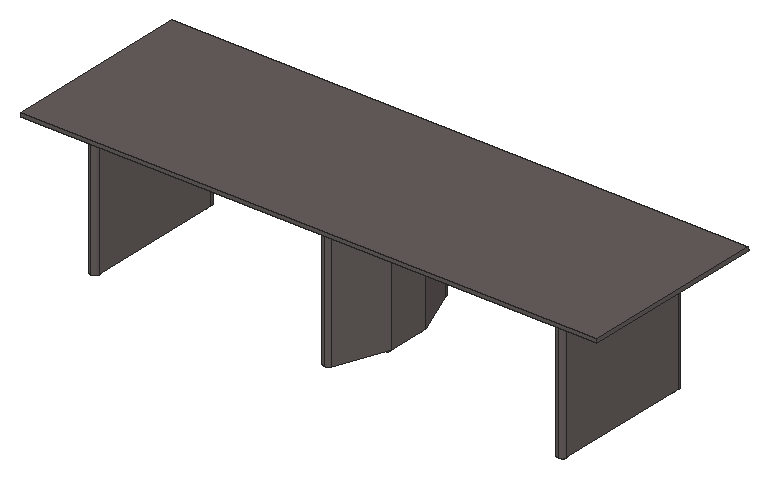
Revit family "Table-Teknion-CFTSTG_Figure_Table_Rectangular_Gable_Leg_Subtop-R2023", category Furniture, Revit 2023 (continued)
Definition of nested family "Hexa Panel"
  Forms (in)
    Sweep 11, void
      profile origin (0, 0, 0) x (0, 1, 0) y (0, 0, 1)
        loop
          line (-4.5, 24) -> (4.5, 24)
          arc (4.5, 24) -> (4.85355, 24.14645) -> (5, 24.5) r 0.5
          line (5, 24.5) -> (5, 26.75) -> (-5, 26.75) -> (-5, 24.5)
          arc (-5, 24.5) -> (-4.85355, 24.14645) -> (-4.5, 24) r 0.5
    Sweep 12, void
      path origin (0, 0, 0) x (1, 0, 0) y (0, 1, 0)
        loop
          line (-8.25, 0) -> (-1, 0)
      profile origin (-4.625, 0, 0) x (0, 1, 0) y (0, 0, 1)
        loop
          line (3.5, 22.5) -> (-3.5, 22.5)
          arc (-3.5, 22.5) -> (-3.85355, 22.35355) -> (-4, 22) r 0.5
          line (-4, 22) -> (-4, 4.5) -> (4, 4.5) -> (4, 22)
          arc (4, 22) -> (3.85355, 22.35355) -> (3.5, 22.5) r 0.5
        loop
          line (-3.9, 21.25) -> (-3.9, 4.6) -> (3.9, 4.6) -> (3.9, 21.25) -> (-3.9, 21.25)
    Sweep 13, void
      path origin (0, 0, 0) x (1, 0, 0) y (0, 0, 1)
        loop
          line (0, 5.5) -> (0, -4.5)
      profile origin (0, 0, 0.5) x (0, -1, 0) y (1, 0, 0)
        loop
          circle (0, 0) r 4.11878
    Sweep 14, void
      path origin (0, 0, 0) x (1, 0, 0) y (0, 1, 0)
        loop
          line (-8, 0) -> (7.25, 0)
      profile origin (-0.375, 0, 0) x (0, 1, 0) y (0, 0, 1)
        loop
          line (2.75, 24.25) -> (2.75, 25.75)
          arc (2.75, 25.75) -> (2.67678, 25.92678) -> (2.5, 26) r 0.25
          line (2.5, 26) -> (-2.5, 26)
          arc (-2.5, 26) -> (-2.67678, 25.92678) -> (-2.75, 25.75) r 0.25
          line (-2.75, 25.75) -> (-2.75, 24.25)
          arc (-2.75, 24.25) -> (-2.67678, 24.07322) -> (-2.5, 24) r 0.25
          line (-2.5, 24) -> (2.5, 24)
          arc (2.5, 24) -> (2.67678, 24.07322) -> (2.75, 24.25) r 0.25
  Cuts and joins
    Sweep 2, Sweep 3, Sweep 11, Sweep 12, Sweep 13, Sweep 14 cuts Sweep 1
    joined: Revolve 4, Revolve 5, Revolve 6, Revolve 7, Revolve 8, Revolve 9, Sweep 10
  Lines and regions (in)
    symbolic lines, detail levels medium+fine
      curve 1: line (5, 7.27625, 0) -> (0.67495, 18, 0)
      curve 2: line (-0.67495, 18, 0) -> (-5, 7.27625, 0)
      curve 3: arc (0, 18, 0) -> (-0.55945, 17.82887, 0) -> (-0.92741, 17.37404, 0) r 1
      curve 4: arc (0.92741, 17.37404, 0) -> (0.55945, 17.82887, 0) -> (0, 18, 0) r 1
      curve 5: line (5, -7.27625, 0) -> (5, 7.27625, 0)
      curve 6: line (-5, 7.27625, 0) -> (-5, -7.27625, 0)
      curve 7: line (-5, -7.27625, 0) -> (-0.67495, -18, 0)
      curve 8: line (0.67495, -18, 0) -> (5, -7.27625, 0)
      curve 9: arc (0, -18, 0) -> (0.55945, -17.82887, 0) -> (0.92741, -17.37404, 0) r 1
      curve 10: arc (-0.92741, -17.37404, 0) -> (-0.55945, -17.82887, 0) -> (0, -18, 0) r 1
      curve 11: line (-0.89772, -17.13189, 0) -> (0.89772, -17.13189, 0)
      curve 12: line (-4.88189, -7.25333, 0) -> (-0.89772, -17.13189, 0)
      curve 13: line (0.89772, -17.13189, 0) -> (4.88189, -7.25333, 0)
      curve 14: line (-4.88189, 7.25333, 0) -> (-4.88189, -7.25333, 0)
      curve 15: line (4.88189, -7.25333, 0) -> (4.88189, 7.25333, 0)
      curve 16: line (0.89772, 17.13189, 0) -> (-0.89772, 17.13189, 0)
      curve 17: line (-0.89772, 17.13189, 0) -> (-4.88189, 7.25333, 0)
      curve 18: line (4.88189, 7.25333, 0) -> (0.89772, 17.13189, 0)
      curve 19: line (2.88189, -6.8652, 0) -> (2.88189, 6.8652, 0)
      curve 20: line (0.92741, -11.71124, 0) -> (2.88189, -6.8652, 0)
      curve 21: line (-2.88189, -6.8652, 0) -> (-0.92741, -11.71124, 0)
      curve 22: line (-2.88189, 6.8652, 0) -> (-2.88189, -6.8652, 0)
      curve 23: line (-0.92741, 11.71124, 0) -> (-2.88189, 6.8652, 0)
      curve 24: line (2.88189, 6.8652, 0) -> (0.92741, 11.71124, 0)
      curve 25: arc (0.92741, 11.71124, 0) -> (0.55945, 12.16607, 0) -> (0, 12.3372, 0) r 1
      curve 26: arc (0, 12.3372, 0) -> (-0.55945, 12.16607, 0) -> (-0.92741, 11.71124, 0) r 1
      curve 27: arc (0, -12.3372, 0) -> (0.55945, -12.16607, 0) -> (0.92741, -11.71124, 0) r 1
      curve 28: arc (-0.92741, -11.71124, 0) -> (-0.55945, -12.16607, 0) -> (0, -12.3372, 0) r 1
    symbolic lines, detail levels fine
      curve 29: line (0.18042, -15.1875, 0) -> (-0.18042, -15.1875, 0)
      curve 30: line (-0.18042, -15.1875, 0) -> (-0.36084, -15.5, 0)
      curve 31: line (-0.36084, -15.5, 0) -> (-0.18042, -15.8125, 0)
      curve 32: line (-0.18042, -15.8125, 0) -> (0.18042, -15.8125, 0)
      curve 33: line (0.18042, -15.8125, 0) -> (0.36084, -15.5, 0)
      curve 34: line (0.36084, -15.5, 0) -> (0.18042, -15.1875, 0)
      curve 35: line (-3.54859, -7.06461, 0) -> (-3.72901, -6.75211, 0)
      curve 36: line (-3.72901, -6.75211, 0) -> (-4.08986, -6.75211, 0)
      curve 37: line (-4.08986, -6.75211, 0) -> (-4.27028, -7.06461, 0)
      curve 38: line (-4.27028, -7.06461, 0) -> (-4.08986, -7.37711, 0)
      curve 39: line (-4.08986, -7.37711, 0) -> (-3.72901, -7.37711, 0)
      curve 40: line (-3.72901, -7.37711, 0) -> (-3.54859, -7.06461, 0)
      curve 41: line (4.08986, -6.75211, 0) -> (3.72901, -6.75211, 0)
      curve 42: line (3.72901, -6.75211, 0) -> (3.54859, -7.06461, 0)
      curve 43: line (3.54859, -7.06461, 0) -> (3.72901, -7.37711, 0)
      curve 44: line (3.72901, -7.37711, 0) -> (4.08986, -7.37711, 0)
      curve 45: line (4.08986, -7.37711, 0) -> (4.27028, -7.06461, 0)
      curve 46: line (4.27028, -7.06461, 0) -> (4.08986, -6.75211, 0)
      curve 47: line (4.08986, 7.37711, 0) -> (3.72901, 7.37711, 0)
      curve 48: line (3.72901, 7.37711, 0) -> (3.54859, 7.06461, 0)
      curve 49: line (3.54859, 7.06461, 0) -> (3.72901, 6.75211, 0)
      curve 50: line (3.72901, 6.75211, 0) -> (4.08986, 6.75211, 0)
      curve 51: line (4.08986, 6.75211, 0) -> (4.27028, 7.06461, 0)
      curve 52: line (4.27028, 7.06461, 0) -> (4.08986, 7.37711, 0)
      curve 53: line (-3.72901, 7.37711, 0) -> (-4.08986, 7.37711, 0)
      curve 54: line (-4.08986, 7.37711, 0) -> (-4.27028, 7.06461, 0)
      curve 55: line (-4.27028, 7.06461, 0) -> (-4.08986, 6.75211, 0)
      curve 56: line (-4.08986, 6.75211, 0) -> (-3.72901, 6.75211, 0)
      curve 57: line (-3.72901, 6.75211, 0) -> (-3.54859, 7.06461, 0)
      curve 58: line (-3.54859, 7.06461, 0) -> (-3.72901, 7.37711, 0)
      curve 59: line (0.36084, 15.5, 0) -> (0.18042, 15.8125, 0)
      curve 60: line (0.18042, 15.8125, 0) -> (-0.18042, 15.8125, 0)
      curve 61: line (-0.18042, 15.8125, 0) -> (-0.36084, 15.5, 0)
      curve 62: line (-0.36084, 15.5, 0) -> (-0.18042, 15.1875, 0)
      curve 63: line (-0.18042, 15.1875, 0) -> (0.18042, 15.1875, 0)
      curve 64: line (0.18042, 15.1875, 0) -> (0.36084, 15.5, 0)
      curve 65: arc (-0.5, 15.5, 0) -> (0, 16, 0) -> (0.5, 15.5, 0) r 0.5
      curve 66: arc (0.5, 15.5, 0) -> (0, 15, 0) -> (-0.5, 15.5, 0) r 0.5
      curve 67: arc (3.40943, 7.06461, 0) -> (3.90943, 7.56461, 0) -> (4.40943, 7.06461, 0) r 0.5
      curve 68: arc (4.40943, 7.06461, 0) -> (3.90943, 6.56461, 0) -> (3.40943, 7.06461, 0) r 0.5
      curve 69: arc (-4.40943, 7.06461, 0) -> (-3.90943, 7.56461, 0) -> (-3.40943, 7.06461, 0) r 0.5
      curve 70: arc (-3.40943, 7.06461, 0) -> (-3.90943, 6.56461, 0) -> (-4.40943, 7.06461, 0) r 0.5
      curve 71: arc (-3.40943, -7.06461, 0) -> (-3.90943, -6.56461, 0) -> (-4.40943, -7.06461, 0) r 0.5
      curve 72: arc (-4.40943, -7.06461, 0) -> (-3.90943, -7.56461, 0) -> (-3.40943, -7.06461, 0) r 0.5
      curve 73: arc (4.40943, -7.06461, 0) -> (3.90943, -6.56461, 0) -> (3.40943, -7.06461, 0) r 0.5
      curve 74: arc (3.40943, -7.06461, 0) -> (3.90943, -7.56461, 0) -> (4.40943, -7.06461, 0) r 0.5
      curve 75: arc (0.5, -15.5, 0) -> (0, -15, 0) -> (-0.5, -15.5, 0) r 0.5
      curve 76: arc (-0.5, -15.5, 0) -> (0, -16, 0) -> (0.5, -15.5, 0) r 0.5
      curve 77: line (-0.67495, -18, 0) -> (0.67495, -18, 0)
  Dimensions and locks (in)
    plane 4 "Left" to plane 5 "Right" = 10.000"
    "Panel Width": plane 6 "Back" to plane 7 "Front"
    locked: plane 8 "Top" to level at 26.75
    equal spacing: plane 6 "Back", plane 1 "Center Front/Back", plane 7 "Front"
    equal spacing: plane 4 "Left", plane 3 "Center Left/Right", plane 5 "Right"
    plane 6 "Back" to plane 11 "4" to plane 12 "3" = 2.500" locked, 8.43539" locked
    plane 7 "Front" to plane 9 "1" to plane 10 "2" = 2.500" locked, 8.43539" locked
    locked: plane 13 to plane 2 at 0.5
    plane 7 "Front" to Sweep 1 sketch curve to Sweep 1 sketch curve to Sweep 1 sketch curve to Sweep 1 sketch curve to Sweep 1 sketch curve = 0.62596" locked, 0.000" locked, 0.37404" locked, 9.72375" locked, 0.000" locked
    plane 6 "Back" to Sweep 1 sketch curve to Sweep 1 sketch curve to Sweep 1 sketch curve to Sweep 1 sketch curve to Sweep 1 sketch curve = 0.62596" locked, 0.000" locked, 0.37404" locked, 9.72375" locked, 0.000" locked
    locked: Sweep 2 sketch curve to plane 13 at 0.75
    locked: plane 8 "Top" to Sweep 2 sketch curve at 0.75
    plane 4 "Left" to Sweep 2 sketch curve to Sweep 2 sketch curve to Sweep 2 sketch curve = 0.11811" locked, 3.98417" locked, 0.000" locked
    Sweep 2 sketch curve to Sweep 2 sketch curve to Sweep 2 sketch curve to plane 5 "Right" = 0.000" locked, 3.98417" locked, 0.11811" locked
    plane 6 "Back" to Sweep 2 sketch curve to Sweep 2 sketch curve to Sweep 2 sketch curve = 0.86811" locked, 9.87856" locked, 0.000" locked
    plane 7 "Front" to Sweep 2 sketch curve to Sweep 2 sketch curve to Sweep 2 sketch curve = 0.86811" locked, 9.87856" locked, 0.000" locked
    locked: Sweep 3 sketch curve to plane 8 "Top" at 2
    locked: plane 2 to Sweep 3 sketch curve at 2.25
    plane 7 "Front" to Sweep 3 sketch curve to Sweep 3 sketch curve to Sweep 3 sketch curve to Sweep 3 sketch curve to Sweep 3 sketch curve = 6.28876" locked, 0.000" locked, 0.37404" locked, 4.47199" locked, 0.000" locked
    plane 4 "Left" to Sweep 3 sketch curve to Sweep 3 sketch curve = 2.11811" locked, 1.95448" locked
    Sweep 3 sketch curve to Sweep 3 sketch curve to plane 5 "Right" = 1.95448" locked, 2.11811" locked
    locked: plane 4 "Left" to Sweep 3 sketch curve at 4.07259
    locked: Sweep 3 sketch curve to plane 5 "Right" at 4.07259
    plane 6 "Back" to Sweep 3 sketch curve to Sweep 3 sketch curve to Sweep 3 sketch curve to Sweep 3 sketch curve to Sweep 3 sketch curve = 6.28876" locked, 0.000" locked, 0.37404" locked, 4.47199" locked, 0.000" locked
    locked: plane 4 "Left" to Sweep 1 sketch curve at 4.07259  (x2)
    locked: Sweep 1 sketch curve to plane 5 "Right" at 4.07259  (x2)
    locked: Revolve 4 sketch curve to plane 2 at 0.25
    locked: plane 3 "Center Left/Right" to Revolve 4 sketch curve at 0.5
    locked: Revolve 5 sketch curve to plane 2 at 0.25
    Revolve 5 sketch curve to Revolve 5 sketch curve to plane 4 "Left" = 0.500" locked, 0.59057" locked
    locked: plane 4 "Left" to Revolve 5 sketch curve at 1.09057
    locked: Revolve 6 sketch curve to plane 2 at 0.25
    Revolve 6 sketch curve to Revolve 6 sketch curve to plane 5 "Right" = 0.500" locked, 1.09057" locked
    locked: Revolve 6 sketch curve to plane 5 "Right" at 1.09057
    Revolve 7 sketch curve to Revolve 7 sketch curve to plane 4 "Left" = 0.500" locked, 0.59057" locked
    locked: Revolve 7 sketch curve to plane 2 at 0.25
    locked: plane 4 "Left" to Revolve 7 sketch curve at 1.09057
    locked: Revolve 9 sketch curve to plane 2 at 0.25
    locked: plane 3 "Center Left/Right" to Revolve 9 sketch curve at 0.5
    locked: Revolve 8 sketch curve to plane 2 at 0.25
    Revolve 8 sketch curve to Revolve 8 sketch curve to plane 5 "Right" = 0.500" locked, 1.09057" locked
    locked: Revolve 8 sketch curve to plane 5 "Right" at 1.09057
    locked: Sweep 10 sketch curve to plane 2 at 0.25
    Sweep 10 sketch curve to Sweep 10 sketch curve to Sweep 10 sketch curve to plane 3 "Center Left/Right" to Sweep 10 sketch curve to Sweep 10 sketch curve to Sweep 10 sketch curve = 0.18042" locked, 0.000" locked, 0.18042" locked, 0.18042" locked, 0.000" locked, 0.18042" locked  (x2)
    Sweep 10 sketch curve to plane 9 "1" to Sweep 10 sketch curve = 0.3125" locked, 0.3125" locked
    plane 4 "Left" to Sweep 10 sketch curve to Sweep 10 sketch curve to Sweep 10 sketch curve to Sweep 10 sketch curve to Sweep 10 sketch curve to Sweep 10 sketch curve = 0.72972" locked, 0.18042" locked, 0.000" locked, 0.36084" locked, 0.000" locked, 0.18042" locked  (x2)
    Sweep 10 sketch curve to Sweep 10 sketch curve to Sweep 10 sketch curve to Sweep 10 sketch curve to Sweep 10 sketch curve to Sweep 10 sketch curve to plane 5 "Right" = 0.18042" locked, 0.000" locked, 0.36084" locked, 0.000" locked, 0.18042" locked, 0.72972" locked  (x2)
    Sweep 10 sketch curve to plane 10 "2" to Sweep 10 sketch curve = 0.3125" locked, 0.3125" locked  (x2)
    Sweep 10 sketch curve to plane 12 "3" to Sweep 10 sketch curve = 0.3125" locked, 0.3125" locked  (x2)
    Sweep 10 sketch curve to plane 11 "4" to Sweep 10 sketch curve = 0.3125" locked, 0.3125" locked
    aligned and locked: level to plane 2
    aligned and locked: Sweep 1 sketch curve to plane 3 "Center Left/Right"
    aligned and locked: plane 8 "Top" to Sweep 1 sketch curve
    aligned and locked: plane 13 to Sweep 1 sketch curve
    aligned and locked: plane 6 "Back" to Sweep 1 sketch curve
    aligned and locked: plane 7 "Front" to Sweep 1 sketch curve
    aligned and locked: Sweep 2 sketch curve to plane 3 "Center Left/Right"
    aligned and locked: Sweep 3 sketch curve to plane 3 "Center Left/Right"
    aligned and locked: plane 2 to Revolve 4 sketch curve
    aligned and locked: Revolve 4 sketch curve to plane 3 "Center Left/Right"  (x2)
    aligned and locked: plane 2 to Revolve 5 sketch curve
    aligned and locked: plane 2 to Revolve 6 sketch curve
    aligned and locked: plane 2 to Revolve 7 sketch curve
    aligned and locked: plane 2 to Revolve 9 sketch curve
    aligned and locked: Revolve 9 sketch curve to plane 3 "Center Left/Right"  (x2)
    aligned and locked: plane 2 to Revolve 8 sketch curve
    aligned and locked: plane 13 to Sweep 10 sketch curve
    aligned and locked: Sweep 10 sketch curve to plane 3 "Center Left/Right"
    aligned and locked: plane 9 "1" to Sweep 10 sketch curve  (x2)
    aligned and locked: plane 10 "2" to Sweep 10 sketch curve  (x4)
    aligned and locked: plane 12 "3" to Sweep 10 sketch curve  (x4)
    aligned and locked: plane 11 "4" to Sweep 10 sketch curve  (x2)
    aligned and locked: curve 1 to cut or joined group of Sweep 1, Sweep 2, Sweep 3, Sweep 11, Sweep 12, Sweep 13, Sweep 14
    aligned and locked: curve 3 to cut or joined group of Sweep 1, Sweep 2, Sweep 3, Sweep 11, Sweep 12, Sweep 13, Sweep 14
    aligned and locked: curve 4 to cut or joined group of Sweep 1, Sweep 2, Sweep 3, Sweep 11, Sweep 12, Sweep 13, Sweep 14
    aligned and locked: curve 5 to cut or joined group of Sweep 1, Sweep 2, Sweep 3, Sweep 11, Sweep 12, Sweep 13, Sweep 14
    aligned and locked: curve 6 to cut or joined group of Sweep 1, Sweep 2, Sweep 3, Sweep 11, Sweep 12, Sweep 13, Sweep 14
    aligned and locked: curve 7 to cut or joined group of Sweep 1, Sweep 2, Sweep 3, Sweep 11, Sweep 12, Sweep 13, Sweep 14
    aligned and locked: curve 9 to cut or joined group of Sweep 1, Sweep 2, Sweep 3, Sweep 11, Sweep 12, Sweep 13, Sweep 14
    aligned and locked: curve 10 to cut or joined group of Sweep 1, Sweep 2, Sweep 3, Sweep 11, Sweep 12, Sweep 13, Sweep 14
    aligned and locked: curve 11 to cut or joined group of Sweep 1, Sweep 2, Sweep 3, Sweep 11, Sweep 12, Sweep 13, Sweep 14
    aligned and locked: curve 12 to cut or joined group of Sweep 1, Sweep 2, Sweep 3, Sweep 11, Sweep 12, Sweep 13, Sweep 14
    aligned and locked: curve 13 to cut or joined group of Sweep 1, Sweep 2, Sweep 3, Sweep 11, Sweep 12, Sweep 13, Sweep 14
    aligned and locked: curve 14 to cut or joined group of Sweep 1, Sweep 2, Sweep 3, Sweep 11, Sweep 12, Sweep 13, Sweep 14
    aligned and locked: curve 15 to cut or joined group of Sweep 1, Sweep 2, Sweep 3, Sweep 11, Sweep 12, Sweep 13, Sweep 14
    aligned and locked: curve 16 to cut or joined group of Sweep 1, Sweep 2, Sweep 3, Sweep 11, Sweep 12, Sweep 13, Sweep 14
    aligned and locked: curve 17 to cut or joined group of Sweep 1, Sweep 2, Sweep 3, Sweep 11, Sweep 12, Sweep 13, Sweep 14
    aligned and locked: curve 18 to cut or joined group of Sweep 1, Sweep 2, Sweep 3, Sweep 11, Sweep 12, Sweep 13, Sweep 14
    aligned and locked: curve 19 to cut or joined group of Sweep 1, Sweep 2, Sweep 3, Sweep 11, Sweep 12, Sweep 13, Sweep 14
    aligned and locked: curve 21 to cut or joined group of Sweep 1, Sweep 2, Sweep 3, Sweep 11, Sweep 12, Sweep 13, Sweep 14
    aligned and locked: curve 22 to cut or joined group of Sweep 1, Sweep 2, Sweep 3, Sweep 11, Sweep 12, Sweep 13, Sweep 14
    aligned and locked: curve 24 to cut or joined group of Sweep 1, Sweep 2, Sweep 3, Sweep 11, Sweep 12, Sweep 13, Sweep 14
    aligned and locked: curve 25 to cut or joined group of Sweep 1, Sweep 2, Sweep 3, Sweep 11, Sweep 12, Sweep 13, Sweep 14
    aligned and locked: curve 26 to cut or joined group of Sweep 1, Sweep 2, Sweep 3, Sweep 11, Sweep 12, Sweep 13, Sweep 14
    aligned and locked: curve 27 to cut or joined group of Sweep 1, Sweep 2, Sweep 3, Sweep 11, Sweep 12, Sweep 13, Sweep 14
    aligned and locked: curve 28 to cut or joined group of Sweep 1, Sweep 2, Sweep 3, Sweep 11, Sweep 12, Sweep 13, Sweep 14
    aligned and locked: curve 29 to cut or joined group of Revolve 4, Revolve 5, Revolve 6, Revolve 7, Revolve 8, Revolve 9, Sweep 10
    aligned and locked: curve 30 to cut or joined group of Revolve 4, Revolve 5, Revolve 6, Revolve 7, Revolve 8, Revolve 9, Sweep 10
    aligned and locked: curve 31 to cut or joined group of Revolve 4, Revolve 5, Revolve 6, Revolve 7, Revolve 8, Revolve 9, Sweep 10
    aligned and locked: curve 32 to cut or joined group of Revolve 4, Revolve 5, Revolve 6, Revolve 7, Revolve 8, Revolve 9, Sweep 10
    aligned and locked: curve 33 to cut or joined group of Revolve 4, Revolve 5, Revolve 6, Revolve 7, Revolve 8, Revolve 9, Sweep 10
    aligned and locked: curve 34 to cut or joined group of Revolve 4, Revolve 5, Revolve 6, Revolve 7, Revolve 8, Revolve 9, Sweep 10
    aligned and locked: curve 35 to cut or joined group of Revolve 4, Revolve 5, Revolve 6, Revolve 7, Revolve 8, Revolve 9, Sweep 10
    aligned and locked: curve 36 to cut or joined group of Revolve 4, Revolve 5, Revolve 6, Revolve 7, Revolve 8, Revolve 9, Sweep 10
    aligned and locked: curve 37 to cut or joined group of Revolve 4, Revolve 5, Revolve 6, Revolve 7, Revolve 8, Revolve 9, Sweep 10
    aligned and locked: curve 38 to cut or joined group of Revolve 4, Revolve 5, Revolve 6, Revolve 7, Revolve 8, Revolve 9, Sweep 10
    aligned and locked: curve 39 to cut or joined group of Revolve 4, Revolve 5, Revolve 6, Revolve 7, Revolve 8, Revolve 9, Sweep 10
    aligned and locked: curve 40 to cut or joined group of Revolve 4, Revolve 5, Revolve 6, Revolve 7, Revolve 8, Revolve 9, Sweep 10
    aligned and locked: curve 41 to cut or joined group of Revolve 4, Revolve 5, Revolve 6, Revolve 7, Revolve 8, Revolve 9, Sweep 10
    aligned and locked: curve 42 to cut or joined group of Revolve 4, Revolve 5, Revolve 6, Revolve 7, Revolve 8, Revolve 9, Sweep 10
    aligned and locked: curve 43 to cut or joined group of Revolve 4, Revolve 5, Revolve 6, Revolve 7, Revolve 8, Revolve 9, Sweep 10
    aligned and locked: curve 44 to cut or joined group of Revolve 4, Revolve 5, Revolve 6, Revolve 7, Revolve 8, Revolve 9, Sweep 10
    aligned and locked: curve 45 to cut or joined group of Revolve 4, Revolve 5, Revolve 6, Revolve 7, Revolve 8, Revolve 9, Sweep 10
    aligned and locked: curve 46 to cut or joined group of Revolve 4, Revolve 5, Revolve 6, Revolve 7, Revolve 8, Revolve 9, Sweep 10
    aligned and locked: curve 47 to cut or joined group of Revolve 4, Revolve 5, Revolve 6, Revolve 7, Revolve 8, Revolve 9, Sweep 10
    aligned and locked: curve 48 to cut or joined group of Revolve 4, Revolve 5, Revolve 6, Revolve 7, Revolve 8, Revolve 9, Sweep 10
    aligned and locked: curve 49 to cut or joined group of Revolve 4, Revolve 5, Revolve 6, Revolve 7, Revolve 8, Revolve 9, Sweep 10
    aligned and locked: curve 50 to cut or joined group of Revolve 4, Revolve 5, Revolve 6, Revolve 7, Revolve 8, Revolve 9, Sweep 10
    aligned and locked: curve 51 to cut or joined group of Revolve 4, Revolve 5, Revolve 6, Revolve 7, Revolve 8, Revolve 9, Sweep 10
    aligned and locked: curve 52 to cut or joined group of Revolve 4, Revolve 5, Revolve 6, Revolve 7, Revolve 8, Revolve 9, Sweep 10
    aligned and locked: curve 53 to cut or joined group of Revolve 4, Revolve 5, Revolve 6, Revolve 7, Revolve 8, Revolve 9, Sweep 10
    aligned and locked: curve 54 to cut or joined group of Revolve 4, Revolve 5, Revolve 6, Revolve 7, Revolve 8, Revolve 9, Sweep 10
    aligned and locked: curve 55 to cut or joined group of Revolve 4, Revolve 5, Revolve 6, Revolve 7, Revolve 8, Revolve 9, Sweep 10
    aligned and locked: curve 56 to cut or joined group of Revolve 4, Revolve 5, Revolve 6, Revolve 7, Revolve 8, Revolve 9, Sweep 10
    aligned and locked: curve 57 to cut or joined group of Revolve 4, Revolve 5, Revolve 6, Revolve 7, Revolve 8, Revolve 9, Sweep 10
    aligned and locked: curve 58 to cut or joined group of Revolve 4, Revolve 5, Revolve 6, Revolve 7, Revolve 8, Revolve 9, Sweep 10
    aligned and locked: curve 59 to cut or joined group of Revolve 4, Revolve 5, Revolve 6, Revolve 7, Revolve 8, Revolve 9, Sweep 10
    aligned and locked: curve 60 to cut or joined group of Revolve 4, Revolve 5, Revolve 6, Revolve 7, Revolve 8, Revolve 9, Sweep 10
    aligned and locked: curve 61 to cut or joined group of Revolve 4, Revolve 5, Revolve 6, Revolve 7, Revolve 8, Revolve 9, Sweep 10
    aligned and locked: curve 62 to cut or joined group of Revolve 4, Revolve 5, Revolve 6, Revolve 7, Revolve 8, Revolve 9, Sweep 10
    aligned and locked: curve 63 to cut or joined group of Revolve 4, Revolve 5, Revolve 6, Revolve 7, Revolve 8, Revolve 9, Sweep 10
    aligned and locked: curve 64 to cut or joined group of Revolve 4, Revolve 5, Revolve 6, Revolve 7, Revolve 8, Revolve 9, Sweep 10
    aligned and locked: curve 65 to cut or joined group of Revolve 4, Revolve 5, Revolve 6, Revolve 7, Revolve 8, Revolve 9, Sweep 10
    aligned and locked: curve 66 to cut or joined group of Revolve 4, Revolve 5, Revolve 6, Revolve 7, Revolve 8, Revolve 9, Sweep 10
    aligned and locked: curve 67 to cut or joined group of Revolve 4, Revolve 5, Revolve 6, Revolve 7, Revolve 8, Revolve 9, Sweep 10
    aligned and locked: curve 68 to cut or joined group of Revolve 4, Revolve 5, Revolve 6, Revolve 7, Revolve 8, Revolve 9, Sweep 10
    aligned and locked: curve 69 to cut or joined group of Revolve 4, Revolve 5, Revolve 6, Revolve 7, Revolve 8, Revolve 9, Sweep 10
    aligned and locked: curve 70 to cut or joined group of Revolve 4, Revolve 5, Revolve 6, Revolve 7, Revolve 8, Revolve 9, Sweep 10
    aligned and locked: curve 71 to cut or joined group of Revolve 4, Revolve 5, Revolve 6, Revolve 7, Revolve 8, Revolve 9, Sweep 10
    aligned and locked: curve 72 to cut or joined group of Revolve 4, Revolve 5, Revolve 6, Revolve 7, Revolve 8, Revolve 9, Sweep 10
    aligned and locked: curve 73 to cut or joined group of Revolve 4, Revolve 5, Revolve 6, Revolve 7, Revolve 8, Revolve 9, Sweep 10
    aligned and locked: curve 74 to cut or joined group of Revolve 4, Revolve 5, Revolve 6, Revolve 7, Revolve 8, Revolve 9, Sweep 10
    aligned and locked: curve 75 to cut or joined group of Revolve 4, Revolve 5, Revolve 6, Revolve 7, Revolve 8, Revolve 9, Sweep 10
    aligned and locked: curve 76 to cut or joined group of Revolve 4, Revolve 5, Revolve 6, Revolve 7, Revolve 8, Revolve 9, Sweep 10
    aligned and locked: plane 7 "Front" to curve 77
    aligned and locked: plane 8 "Top" to Sweep 11 sketch curve
  Automatic sketch dimensions
    Sweep 1 sketch curve to profile plane = 0.000"  (x2)
    Sweep 3 sketch curve to profile plane = 0.000"  (x2)
    Revolve 4 sketch curve to level = 0.69828"
    plane 13 to Revolve 4 sketch curve = 0.15926"
    Revolve 5 sketch curve to plane 13 = 0.07146"
    Revolve 5 sketch curve to level = 0.48144"
    Revolve 6 sketch curve to plane 13 = 0.0769"
    Revolve 6 sketch curve to level = 0.3269"
    level to Revolve 7 sketch curve = 0.23252"
    plane 13 to Revolve 7 sketch curve = 0.09564"
    level to Revolve 9 sketch curve = 0.54196"
    Revolve 9 sketch curve to plane 13 = 0.1177"
    level to Revolve 8 sketch curve = 0.45393"
    plane 13 to Revolve 8 sketch curve = 0.08613"
    curve 4 to plane 3 "Center Left/Right" = 0.000"
    curve 9 to plane 3 "Center Left/Right" = 0.000"
    curve 5 to curve 13 = 0.02292"
    curve 14 to curve 2 = 0.02292"
    curve 23 to curve 24 = 0.000"
    curve 25 to plane 3 "Center Left/Right" = 0.000"
    plane 10 "2" to curve 19 = 0.19941"
    curve 28 to plane 3 "Center Left/Right" = 0.000"
    plane 11 "4" to curve 65 = 0.000"
    plane 11 "4" to curve 66 = 0.000"
    plane 12 "3" to curve 67 = 0.000"
    plane 12 "3" to curve 68 = 0.000"
    plane 12 "3" to curve 69 = 0.000"
    plane 12 "3" to curve 70 = 0.000"
    curve 71 to plane 10 "2" = 0.000"
    curve 72 to plane 10 "2" = 0.000"
    curve 73 to plane 10 "2" = 0.000"
    curve 74 to plane 10 "2" = 0.000"
    curve 75 to plane 9 "1" = 0.000"  (x2)
    curve 3 to curve 16 = 0.02969"
    curve 16 to curve 4 = 0.02969"
    curve 10 to curve 11 = 0.02969"
    curve 11 to curve 9 = 0.02969"
    curve 2 to plane 6 "Back" = 0.000"
    curve 1 to plane 6 "Back" = 0.000"
    Sweep 11 sketch curve to plane 1 "Center Front/Back" = 0.000"
    Sweep 11 sketch curve to plane 4 "Left" = 3.000"
    Sweep 11 sketch curve to plane 5 "Right" = 3.000"
    Sweep 12 sketch curve to plane 1 "Center Front/Back" = 0.000"
    Sweep 12 sketch curve to plane 4 "Left" = 3.250"
    Sweep 12 sketch curve to plane 3 "Center Left/Right" = 1.000"
    Sweep 13 sketch curve to plane 3 "Center Left/Right" = 0.000"
    Sweep 13 sketch curve to level = 4.500"
    plane 13 to Sweep 13 sketch curve = 5.000"
    plane 1 "Center Front/Back" to Sweep 13 sketch curve = 0.000"
    Sweep 13 sketch curve to profile plane = 0.000"
    profile plane to Sweep 11 sketch curve = 5.000"
    Sweep 11 sketch curve to Sweep 11 sketch curve = 0.500"  (x2)
    Sweep 11 sketch curve to profile plane = 4.500"
    Sweep 11 sketch curve to Sweep 11 sketch curve = 2.250"
    profile plane to Sweep 12 sketch curve = 4.000"
    Sweep 12 sketch curve to Sweep 12 sketch curve = 0.100"  (x3)
    Sweep 12 sketch curve to Sweep 12 sketch curve = 0.500"
    Sweep 12 sketch curve to profile plane = 3.500"
    Sweep 12 sketch curve to profile plane = 3.900"
    level to Sweep 12 sketch curve = 4.500"
    Sweep 12 sketch curve to Sweep 12 sketch curve = 16.650"
    Sweep 12 sketch curve to Sweep 12 sketch curve = 0.750"
    Sweep 14 sketch curve to plane 1 "Center Front/Back" = 0.000"
    Sweep 14 sketch curve to plane 4 "Left" = 3.000"
    Sweep 14 sketch curve to plane 5 "Right" = 2.250"
    radius of Sweep 13 sketch curve = 4.11878"
Definition of nested family "Teknion_2D_Node_Family-R2021"
  Reference planes (in)
    plane 1 "Center (Front/Back)": y = 0
    plane 2: z = 0
    plane 3 "Center (Left/Right)": x = 0
  Lines and regions (in)
    detail lines, in view "Ref. Level"
      curve 1: circle (0, 0, 0) r 1.25 normal (0, 0, 1)
      curve 2: line (1.91508, -1.91508, 0) -> (-1.91508, 1.91508, 0)
      curve 3: line (-1.91508, -1.91508, 0) -> (1.91508, 1.91508, 0)
